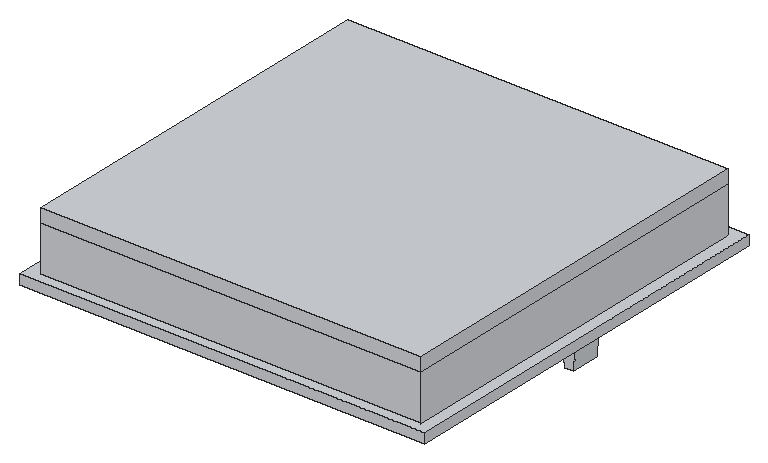
Revit family "028665", category Electrical Fixtures, host Face, Revit 2017
Family settings
  Host = Face
  Maintain Annotation Orientation = No
  Round Connector Dimension = Use Diameter
  Part Type = Normal
  Cut with Voids When Loaded = No
  Shared = No
  Room Calculation Point = No
Parameters (values of type "Rocker sym.bell Gira TX_44 (WP FM) c.alum.")
  With exchangeable lens/symbol = "No"
  URL = "http://katalog.gira.de/en/datenblatt.html?artikelnr=028665"
  Suitable for touch sensor connector for bus system = "No"
  Scannable symbol / barrier free = "No"
  Name = "Rocker sym.bell Gira TX_44 (WP FM) c.alum."
  Monitoring window/light outlet = "Yes"
  Model = "Single rocker"
  Manufacturer URL = "https://www.gira.de/"
  Manufacturer = "Gira"
  Keynote = ""
  HeinzeBIM = "https://bimportal.heinze.de/bim/rocker-sym-bell-gira-tx-44-wp-fm-c-alum-/1145c27f28494cc2dd0e3357c7980d9c65386f80"
  HAN = "028665"
  GTIN = "4010337286653"
  Description = "Rock.sym.bell TX_44 CAl,Rocker with symbol,Bell,colour aluminium,Notes :,- Theft-prevention implemented via optional screw-in clamp piece. This makes plugging of cover frame unnecessary."
  Default Elevation = 1219.2 mm
  Data sheet (1) = "https://katalog.gira.de/en/download.html?artikelnr=028665"
  Category = "Control element/cover plate for domestic switching devices"
  BIM (1) = "https://media.stage.bim.site/public/gira/36a6b08/TX44_Abdeckung_Schalten und Tasten.rfa?public/gira/36a6b08/TX44_Abdeckung_Schalten und Tasten.rfa"
  Available = "No"
Reference planes
  plane 1 "Center (Front/Back)": y = 0
  plane 2: z = 0
  plane 3 "Center (Left/Right)": x = 0
Forms (mm)
  Extrusion 1, solid, detail levels fine
    sketch origin (0, 0, 0) x (1, 0, 0) y (0, 1, 0)
      loop
        line (34.85, 34.85) -> (-34.85, 34.85) -> (-34.85, -34.85) -> (34.85, -34.85) -> (34.85, 34.85)
      loop
        line (-31.45, 31.8) -> (-31.45, -31.8) -> (31.45, -31.8) -> (31.45, 31.8) -> (-31.45, 31.8)
    from 0 to 1.7
  Extrusion 2, solid, detail levels fine
    sketch origin (0, 0, 0) x (1, 0, 0) y (0, 1, 0)
      loop
        line (32.8, 33.05) -> (-32.8, 33.05) -> (-32.8, -33.05) -> (32.8, -33.05) -> (32.8, 33.05)
      loop
        line (-31.45, 31.8) -> (-31.45, -31.8) -> (31.45, -31.8) -> (31.45, 31.8) -> (-31.45, 31.8)
    from 1.566 to 9.515
  Extrusion 3, solid, detail levels fine
    sketch origin (0, 0, 0) x (1, 0, 0) y (0, 1, 0)
      loop
        line (32.8, 33.05) -> (-32.8, 33.05) -> (-32.8, -33.05) -> (32.8, -33.05) -> (32.8, 33.05)
    from 9.515 to 11.816
  Extrusion 4, solid, detail levels fine
    sketch origin (0, 0, 0) x (1, 0, 0) y (0, 0, 1)
      loop
        line (-32.815, 0) -> (-34.827, 0) -> (-34.611, -3.084) -> (-33.031, -3.084) -> (-32.815, 0)
      loop
        line (32.815, 0) -> (33.031, -3.084) -> (34.611, -3.084) -> (34.827, 0) -> (32.815, 0)
    from -2.513 to 2.5
  Extrusion 5, solid, detail levels fine
    sketch origin (0, 0, 0) x (1, 0, 0) y (0, 1, 0)
      loop
        spline (-23.686, 23.152) -> (-23.856, 23.114) -> (-24.022, 23.062) -> (-24.184, 22.995) -> (-24.338, 22.915) -> (-24.486, 22.821) -> (-24.624, 22.715) -> (-24.753, 22.597) -> (-24.87, 22.468) -> (-24.977, 22.33) -> (-25.07, 22.183) -> (-25.151, 22.028) -> (-25.218, 21.867)
        line (-25.218, 21.867) -> (-29.35, 10.513) -> (-29.35, -10.487) -> (-25.218, -21.841)
        spline (-25.218, -21.841) -> (-25.151, -22.002) -> (-25.07, -22.156) -> (-24.977, -22.304) -> (-24.87, -22.442) -> (-24.753, -22.571) -> (-24.624, -22.688) -> (-24.486, -22.795) -> (-24.338, -22.888) -> (-24.184, -22.969) -> (-24.022, -23.036) -> (-23.856, -23.088) -> (-23.686, -23.126)
        line (-23.686, -23.126) -> (0, -27.302) -> (23.686, -23.126)
        spline (23.686, -23.126) -> (23.856, -23.088) -> (24.022, -23.036) -> (24.184, -22.969) -> (24.338, -22.888) -> (24.486, -22.795) -> (24.624, -22.688) -> (24.753, -22.571) -> (24.87, -22.442) -> (24.977, -22.304) -> (25.07, -22.156) -> (25.151, -22.002) -> (25.218, -21.841)
        line (25.218, -21.841) -> (29.35, -10.487) -> (29.35, 10.513) -> (25.218, 21.867)
        spline (25.218, 21.867) -> (25.151, 22.028) -> (25.07, 22.183) -> (24.977, 22.33) -> (24.87, 22.468) -> (24.753, 22.597) -> (24.624, 22.715) -> (24.486, 22.821) -> (24.338, 22.915) -> (24.184, 22.995) -> (24.022, 23.062) -> (23.856, 23.114) -> (23.686, 23.152)
        line (23.686, 23.152) -> (0, 27.328) -> (-23.686, 23.152)
      loop
        line (-24.278, 21.525) -> (-28.35, 10.337) -> (-28.35, -10.311) -> (-24.278, -21.498)
        spline (-24.278, -21.498) -> (-24.245, -21.579) -> (-24.204, -21.656) -> (-24.157, -21.73) -> (-24.104, -21.799) -> (-24.045, -21.863) -> (-23.981, -21.922) -> (-23.912, -21.976) -> (-23.838, -22.022) -> (-23.761, -22.063) -> (-23.68, -22.096) -> (-23.597, -22.122) -> (-23.512, -22.141)
        line (-23.512, -22.141) -> (0, -26.287) -> (23.512, -22.141)
        spline (23.512, -22.141) -> (23.597, -22.122) -> (23.68, -22.096) -> (23.761, -22.063) -> (23.838, -22.022) -> (23.912, -21.976) -> (23.981, -21.922) -> (24.045, -21.863) -> (24.104, -21.799) -> (24.157, -21.73) -> (24.204, -21.656) -> (24.245, -21.579) -> (24.278, -21.498)
        line (24.278, -21.498) -> (28.35, -10.311) -> (28.35, 10.337) -> (24.278, 21.525)
        spline (24.278, 21.525) -> (24.245, 21.605) -> (24.204, 21.683) -> (24.157, 21.756) -> (24.104, 21.825) -> (24.045, 21.89) -> (23.981, 21.949) -> (23.912, 22.002) -> (23.838, 22.048) -> (23.761, 22.089) -> (23.68, 22.122) -> (23.597, 22.148) -> (23.512, 22.167)
        line (23.512, 22.167) -> (0, 26.313) -> (-23.512, 22.167)
        spline (-23.512, 22.167) -> (-23.597, 22.148) -> (-23.68, 22.122) -> (-23.761, 22.089) -> (-23.838, 22.048) -> (-23.912, 22.002) -> (-23.981, 21.949) -> (-24.045, 21.89) -> (-24.104, 21.825) -> (-24.157, 21.756) -> (-24.204, 21.683) -> (-24.245, 21.605) -> (-24.278, 21.525)
    from 4.866 to 9.515
  Extrusion 6, solid, detail levels fine
    sketch origin (0, 0, 0) x (1, 0, 0) y (0, 1, 0)
      loop
        arc (0, 8.51) -> (-1.055, 8.223) -> (-1.717, 7.352) r 1.7
        line (-1.717, 7.352) -> (-2.205, 5.894) -> (-2.205, 4.213) -> (-4.36, 4.213)
        arc (-4.36, 4.213) -> (-4.865, 4.091) -> (-5.257, 3.75) r 1.1
        arc (-5.257, 3.75) -> (-6.02, 2.328) -> (-6.406, 0.761) r 6.45
        arc (-6.406, 0.761) -> (-6.7, 0.013) -> (-6.406, -0.735) r 1.1
        arc (-6.406, -0.735) -> (-6.02, -2.302) -> (-5.257, -3.724) r 6.45
        arc (-5.257, -3.724) -> (-4.865, -4.064) -> (-4.36, -4.187) r 1.1
        line (-4.36, -4.187) -> (-2.1, -4.187) -> (-2.1, -5.243)
        arc (-2.1, -5.243) -> (-1.847, -5.944) -> (-1.206, -6.323) r 1.1
        arc (-1.206, -6.323) -> (0, -6.437) -> (1.206, -6.323) r 6.45
        arc (1.206, -6.323) -> (1.847, -5.944) -> (2.1, -5.243) r 1.1
        line (2.1, -5.243) -> (2.1, -4.187) -> (4.36, -4.187)
        arc (4.36, -4.187) -> (4.865, -4.064) -> (5.257, -3.724) r 1.1
        arc (5.257, -3.724) -> (6.02, -2.302) -> (6.406, -0.735) r 6.45
        arc (6.406, -0.735) -> (6.7, 0.013) -> (6.406, 0.761) r 1.1
        arc (6.406, 0.761) -> (6.02, 2.328) -> (5.257, 3.75) r 6.45
        arc (5.257, 3.75) -> (4.865, 4.091) -> (4.36, 4.213) r 1.1
        line (4.36, 4.213) -> (2.205, 4.213) -> (2.205, 5.894) -> (1.717, 7.352)
        arc (1.717, 7.352) -> (1.055, 8.223) -> (0, 8.51) r 1.7
    from -6.834 to 9.515
  Extrusion 7, solid, detail levels coarse
    sketch origin (0, 0, 0) x (1, 0, 0) y (0, 1, 0)
      loop
        line (34.85, 34.85) -> (-34.85, 34.85) -> (-34.85, -34.85) -> (34.85, -34.85) -> (34.85, 34.85)
    from -6.834 to 11.816
  Extrusion 8, solid, detail levels medium
    sketch origin (0, 0, 0) x (1, 0, 0) y (0, 1, 0)
      loop
        line (32.8, 33.05) -> (-32.8, 33.05) -> (-32.8, -33.05) -> (32.8, -33.05) -> (32.8, 33.05)
    from 1.566 to 11.816
  Extrusion 9, solid, detail levels medium
    sketch origin (0, 0, 0) x (1, 0, 0) y (0, 1, 0)
      loop
        line (34.85, 34.85) -> (-34.85, 34.85) -> (-34.85, -34.85) -> (34.85, -34.85) -> (34.85, 34.85)
    from 0 to 1.7
  Extrusion 10, solid, detail levels medium
    sketch origin (0, 0, 0) x (1, 0, 0) y (0, 1, 0)
      loop
        circle (0, 1.036) r 7.473
    from -6.834 to 9.515
  Extrusion 11, solid, detail levels medium
    sketch origin (0, 0, 0) x (1, 0, 0) y (0, 0, 1)
      loop
        line (-32.815, -3.084) -> (-32.815, 0) -> (-34.827, 0) -> (-34.827, -3.084) -> (-32.815, -3.084)
      loop
        line (32.815, -3.084) -> (34.827, -3.084) -> (34.827, 0) -> (32.815, 0) -> (32.815, -3.084)
    from -2.513 to 2.5
Dimensions and locks
  aligned and locked: plane 2 to host face
  aligned and locked: level to host face
